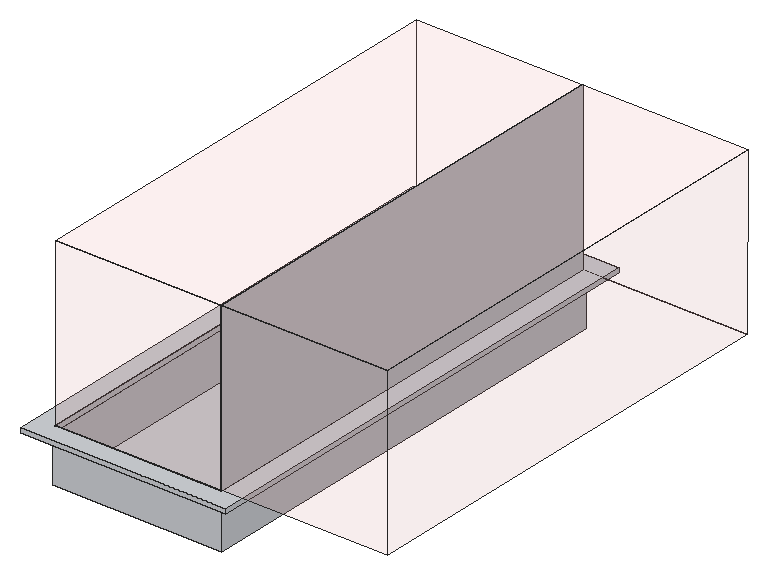
Revit family "Hager-VOLTA-Hollow_wall-IP30-With_Cover-With_DIN-Hosted-AT-de", category Electrical Equipment, host Face, Revit 2023
Family settings
  Host = Face
  Panel Configuration = Two Columns, Circuits Across
  Round Connector Dimension = Use Diameter
  Part Type = Panelboard
  Cut with Voids When Loaded = No
  Maintain Annotation Orientation = Yes
  Shared = No
  Room Calculation Point = No
Parameters (values of type "VOLTA-Hollow_wall_W348_H880_D98_12_Modular_Spacing-VH60NWB")
  Width Control [instance] = if([HG000006-Unterputz], if([EF000846 - Einbaubreite] > min_whd, [EF000846 - Einbaubreite], min_whd), if([EF000008 - Breite] > min_whd, ([EF000008 - Breite]), min_whd))  # 314.5 mm
  Void Depth [instance] = if([HG000006-Unterputz], Depth Control, 1 mm)  # 89 mm
  Uniformat code = "D501001"
  Uniformat = "Low Tension Service & Dist."
  HGEF0002950-Breite in Teilungseinheiten = 12
  HGEF000266-Anzahl der Reihen = 0
  HG000131 - Functional label [instance] = ""
  HG000130 - Functional name [instance] = ""
  Type Comments = ""
  System Height [instance] = Height Control - 2 * [HG000005-Dicke]  # 841 mm
  Reference description = ""
  Reference = "VOLTA-Hollow_wall_W348_H880_D98_12_Modular_Spacing-VH60NWB"
  Object type = ""
  Name hager = "ADD_Enclosures_EC000214"
  Name BIM&CO = "Electricity"
  Name = "VOLTA-Hollow_wall-IP30-With_Cover-With_DIN-AT"
  Model = ""
  HG000099-Onfly Template ID-de-AT = "507532"
  HG000060-RAL-number = "9010"
  HG000059-Operating voltage-de-AT [instance] = 230 V
  HG000017-Distanz zwischen den Polen = 18 mm
  HG000016-3D-Türsichtbarkeit = yes
  HG000015-Sichtbarkeit der Türöffnung = yes
  HG000014-Tür rechts = yes
  HG000013-Tür links = no
  HG000012-Türschwenkwinkel = 90.00°
  HG000011-Leere Reihen von unten = no
  HG000010-Asymmetrische Türen = no
  HG000009-Doppelflügeligen Tür = no
  HG000008-Anzahl der leeren Reihen = 0
  HG000007-Anzahl der leeren Spalten = 0
  HG000006-Unterputz = yes
  HG000005-Dicke = 2 mm
  HG000004-Herstellerreferenz = "VH60NWB"
  HG000003-Bereich = "VOLTA"
  HG000002-Mit tür = yes
  HG000001-Anzahl der Spalten = 0
  GTIN (Global Trade Item Number) = ""
  ETIM class name = "Small distribution board"
  ETIM class code = "EC000214"
  EF015941 - Signaldurchlassende Tür = no
  EF015777 - Neutralleiterklemmenblock = no
  EF015776 - Erdungsklemmenblock = no
  EF009212 - Ausführung Deckel = "mit Ausschnitt"
  EF006306 - Mit Schloss = no
  EF006244 - Transparenter Deckel/Tür = no
  EF005474 - Schutzart (IP) = "IP30"
  EF004464 - Art der Tür = ""
  EF004462 - Art der Schließung = "sonstige"
  EF002950 - Breite in Teilungseinheiten = 12
  EF001596 - Werkstoff des Gehäuses = ""
  EF001134 - DIN-Schiene = yes
  EF001131 - Innentiefe = 0 mm
  EF001088 - Anbaumöglichkeit = yes
  EF001062 - EMV-Ausführung = no
  EF000846 - Einbaubreite = 314.5 mm
  EF000339 - Art der Abdeckung = ""
  EF000332 - Einbauhöhe = 845 mm
  EF000266 - Anzahl der Reihen = 0
  EF000218 - Einbautiefe = 89 mm
  EF000118 - Mit Montageplatte = yes
  EF000116 - RAL-Nummer = 9010
  EF000049 - Tiefe = 98 mm
  EF000040 - Höhe = 880 mm
  EF000024 - UV-beständig = no
  EF000008 - Breite = 348 mm
  EF000007 - Farbe = "weiß"
  EF000003 - Montageart = "Hohlwand"
  Creation Date = "12/15/2025 21:42:07"
  Code hager = "ADD-EC000214_EU"
  BIM&CO code = ""
  BC_VARIANT_ID = "1174060"
  BC_OBJECT_VERSION = "#3"  # constant formula
  BC_OBJECT_ID = "513457"  # constant formula
  BC_MODEL_ID = "1547067"  # constant formula
  Arrow Offset [instance] = Depth Control / 8  # 11.125 mm
  Arrow Height [instance] = Depth Control - Arrow Offset  # 77.875 mm
  Host Offset [instance] = if([HG000006-Unterputz], 0 mm, [EF000049 - Tiefe])  # 0 mm
  min_whd [instance] = (2 * [HG000005-Dicke]) + 1 mm  # 5 mm
  Manufacturer = "Hager"  # constant formula
  Height Control [instance] = if([HG000006-Unterputz], if([EF000332 - Einbauhöhe] > min_whd, [EF000332 - Einbauhöhe], min_whd), if([EF000040 - Höhe] > min_whd, ([EF000040 - Höhe]), min_whd))  # 845 mm
  Flush Mounted - Door Frame Width [instance] = if(([EF000040 - Höhe] - [EF000332 - Einbauhöhe]) > 0 mm, if([HG000006-Unterputz], [EF000040 - Höhe] - [EF000332 - Einbauhöhe], 0 mm), 0 mm)  # 35 mm
  Depth Control [instance] = if([HG000006-Unterputz], if([EF000218 - Einbautiefe] > 0 mm, [EF000218 - Einbautiefe], 1 mm), if([EF000049 - Tiefe] > 0 mm, ([EF000049 - Tiefe]), 1 mm))  # 89 mm
  Default Elevation = 0 mm
Types (13, lengths in mm): name | HGEF000266-Anzahl der Reihen | System Height | Reference | HG000011-Leere Reihen von unten | HG000008-Anzahl der leeren Reihen | HG000004-Herstellerreferenz | HG000001-Anzahl der Spalten | EF015777 - Neutralleiterklemmenblock | EF015776 - Erdungsklemmenblock | EF009212 - Ausführung Deckel | EF004462 - Art der Schließung | EF001088 - Anbaumöglichkeit | EF000332 - Einbauhöhe | EF000266 - Anzahl der Reihen | EF000118 - Mit Montageplatte | EF000040 - Höhe | EF000007 - Farbe | BC_VARIANT_ID | Height Control | Flush Mounted - Door Frame Width
  VOLTA-Hollow_wall_W348_H356_D98_12_Modular_Spacing-VH12AT | 1 | 317 | "VOLTA-Hollow_wall_W348_H356_D98_12_Modular_Spacing-VH12AT" | no | 0 | "VH12AT" | 1 | yes | yes | "mit Ausschnitt" | "sonstige" | yes | 321 | 1 | no | 356 | "weiß" | "1174048" | 321 | 35
  VOLTA-Hollow_wall_W348_H505_D98_12_Modular_Spacing-VH24AT | 2 | 466 | "VOLTA-Hollow_wall_W348_H505_D98_12_Modular_Spacing-VH24AT" | no | 0 | "VH24AT" | 1 | yes | yes | "mit Ausschnitt" | "sonstige" | yes | 470 | 2 | no | 505 | "weiß" | "1174049" | 470 | 35
  VOLTA-Hollow_wall_W348_H505_D98_12_Modular_Spacing-VH24NWB | 0 | 466 | "VOLTA-Hollow_wall_W348_H505_D98_12_Modular_Spacing-VH24NWB" | no | 0 | "VH24NWB" | 0 | no | no | "mit Ausschnitt" | "sonstige" | yes | 470 | 0 | yes | 505 | "weiß" | "1174050" | 470 | 35
  VOLTA-Hollow_wall_W348_H630_D98_12_Modular_Spacing-VH36AT | 3 | 591 | "VOLTA-Hollow_wall_W348_H630_D98_12_Modular_Spacing-VH36AT" | no | 0 | "VH36AT" | 1 | yes | yes | "mit Ausschnitt" | "sonstige" | yes | 595 | 3 | no | 630 | "weiß" | "1174051" | 595 | 35
  VOLTA-Hollow_wall_W348_H630_D98_12_Modular_Spacing-VH36NWB | 0 | 591 | "VOLTA-Hollow_wall_W348_H630_D98_12_Modular_Spacing-VH36NWB" | no | 0 | "VH36NWB" | 0 | no | no | "mit Ausschnitt" | "sonstige" | yes | 595 | 0 | yes | 630 | "weiß" | "1174052" | 595 | 35
  VOLTA-Hollow_wall_W348_H755_D98_12_Modular_Spacing-VH48AT | 4 | 716 | "VOLTA-Hollow_wall_W348_H755_D98_12_Modular_Spacing-VH48AT" | no | 0 | "VH48AT" | 1 | yes | yes | "mit Ausschnitt" | "sonstige" | yes | 720 | 4 | no | 755 | "weiß" | "1174053" | 720 | 35
  VOLTA-Hollow_wall_W348_H755_D98_12_Modular_Spacing-VH48NWB | 0 | 716 | "VOLTA-Hollow_wall_W348_H755_D98_12_Modular_Spacing-VH48NWB" | no | 0 | "VH48NWB" | 0 | no | no | "mit Ausschnitt" | "sonstige" | yes | 720 | 0 | yes | 755 | "weiß" | "1174054" | 720 | 35
  VOLTA-Hollow_wall_W348_H880_D98_12_Modular_Spacing-VH602NWH | 6 | 842 | "VOLTA-Hollow_wall_W348_H880_D98_12_Modular_Spacing-VH602NWH" | yes | 4 | "VH602NWH" | 1 | no | no | "" | "" | no | 846 | 6 | no | 880 | "" | "1174055" | 846 | 34
  VOLTA-Hollow_wall_W348_H880_D98_12_Modular_Spacing-VH602WWH | 6 | 842 | "VOLTA-Hollow_wall_W348_H880_D98_12_Modular_Spacing-VH602WWH" | yes | 4 | "VH602WWH" | 1 | no | no | "" | "" | no | 846 | 6 | no | 880 | "" | "1174056" | 846 | 34
  VOLTA-Hollow_wall_W348_H880_D98_12_Modular_Spacing-VH603NWH | 6 | 842 | "VOLTA-Hollow_wall_W348_H880_D98_12_Modular_Spacing-VH603NWH" | yes | 3 | "VH603NWH" | 1 | no | no | "" | "" | no | 846 | 6 | no | 880 | "" | "1174057" | 846 | 34
  VOLTA-Hollow_wall_W348_H880_D98_12_Modular_Spacing-VH603WWH | 6 | 842 | "VOLTA-Hollow_wall_W348_H880_D98_12_Modular_Spacing-VH603WWH" | yes | 3 | "VH603WWH" | 1 | no | no | "" | "" | no | 846 | 6 | no | 880 | "" | "1174058" | 846 | 34
  VOLTA-Hollow_wall_W348_H880_D98_12_Modular_Spacing-VH60AT | 5 | 841 | "VOLTA-Hollow_wall_W348_H880_D98_12_Modular_Spacing-VH60AT" | no | 0 | "VH60AT" | 1 | yes | yes | "mit Ausschnitt" | "sonstige" | yes | 845 | 5 | no | 880 | "weiß" | "1174059" | 845 | 35
  VOLTA-Hollow_wall_W348_H880_D98_12_Modular_Spacing-VH60NWB | 0 | 841 | "VOLTA-Hollow_wall_W348_H880_D98_12_Modular_Spacing-VH60NWB" | no | 0 | "VH60NWB" | 0 | no | no | "mit Ausschnitt" | "sonstige" | yes | 845 | 0 | yes | 880 | "weiß" | "1174060" | 845 | 35
Reference planes
  plane 1 "Center (Front/Back)": y = 0
  plane 2: z = 0
  plane 3 "Center (Left/Right)": x = 0
  plane 4: z = 0
  plane 5: y = 37
  plane 6: z = -5
  plane 7: y = 457.5
  plane 8: y = 35
  plane 9: y = 880
  plane 10: z = -89
  plane 11: x = -157.25
  plane 12: x = 157.25
  plane 13: x = 155.25
  plane 14: x = -155.25
  plane 15: y = 878
  plane 16: z = -87
  plane 17: z = -2
  plane 18: z = -89
  plane 19: z = -2
  plane 20 "Annotation H": y = -100
  plane 21 "Annotation V": x = 457.25
Forms (mm)
  Extrusion 1, solid
    sketch origin (-583.045, 35, 1219.2) x (-1, 0, 0) y (0, 0, 1)
      loop
        line (-425.795, -1219.2) -> (-740.295, -1219.2) -> (-740.295, -1308.2) -> (-425.795, -1308.2) -> (-425.795, -1219.2)
    from 0 to 845 <- "Height Control"
  Extrusion 2, void
    sketch origin (-381.607, -4572, 0) x (0, -1, 0) y (-1, 0, 0)
      loop
        line (-5450, -226.357) -> (-5450, -536.857) -> (-4609, -536.857) -> (-4609, -226.357) -> (-5450, -226.357)
    from 0 to 87
  Extrusion 3, void
    sketch origin (0, 0, 0) x (1, 0, 0) y (0, 1, 0)
      loop
        line (-157.25, 35) -> (157.25, 35) -> (157.25, 880) -> (-157.25, 880) -> (-157.25, 35)
    from -89 to 1
  Extrusion 4, solid, detail levels coarse+medium
    sketch origin (-381.607, -4572, 0) x (-1, 0, 0) y (0, -1, 0)
      loop
        line (-226.357, -5450) -> (-226.357, -4609) -> (-536.857, -4609) -> (-536.857, -5450) -> (-226.357, -5450)
    from 0 to -2
Cuts and joins
  Extrusion 2 cuts Extrusion 1
Dimensions and locks
  plane 4 to plane 6 = 5 mm
  "Host Offset": plane 4 to host face
  "Flush Mounted - Door Frame Width": plane 1 "Center (Front/Back)" to plane 8
  "HG000005-Dicke": plane 5 to plane 8
  locked: connector elem to plane 3 "Center (Left/Right)"
  "Height Control": plane 9 to plane 8
  equal spacing: plane 9, plane 7, plane 8
  locked: connector elem to plane 7
  "Depth Control": plane 4 to plane 10
  "HG000005-Dicke": plane 11 to plane 14
  "HG000005-Dicke": plane 12 to plane 13
  equal spacing: plane 11, plane 3 "Center (Left/Right)", plane 12
  "Width Control": plane 11 to plane 12
  "Arrow Offset": nested 4 to plane 10
  "HG000005-Dicke": plane 9 to plane 15
  "HG000005-Dicke": plane 16 to plane 10
  "HG000005-Dicke": plane 4 to plane 17
  "Void Depth": plane 2 to plane 18
  "HG000005-Dicke": plane 4 to plane 19
  locked: plane 20 "Annotation H" to plane 1 "Center (Front/Back)" at 100
  locked: plane 12 to plane 21 "Annotation V" at 300
  aligned and locked: plane 2 to host face
  aligned and locked: level to host face
  aligned and locked: plane 3 "Center (Left/Right)" to nested 2
  aligned and locked: plane 4 to nested 2
  aligned and locked: nested 2 to plane 8
  aligned and locked: nested 1 to plane 6
  aligned and locked: plane 5 to nested 1
  aligned and locked: nested 4 to plane 11
  aligned and locked: nested 3 to plane 4
  aligned and locked: Extrusion 1 sketch curve to plane 12
  aligned and locked: Extrusion 1 sketch curve to plane 11
  aligned and locked: nested 3 to plane 10
  aligned and locked: plane 10 to Extrusion 1 sketch curve
  aligned and locked: plane 5 to Extrusion 2 sketch curve
  aligned and locked: Extrusion 2 sketch curve to plane 15
  aligned and locked: Extrusion 2 sketch curve to plane 14
  aligned and locked: Extrusion 2 sketch curve to plane 13
  aligned and locked: plane 11 to Extrusion 3 sketch curve
  aligned and locked: plane 9 to Extrusion 3 sketch curve
  aligned and locked: Extrusion 3 sketch curve to plane 8
  aligned and locked: plane 12 to Extrusion 3 sketch curve
  aligned and locked: nested 3 to plane 12
  aligned and locked: Extrusion 3 to plane 18
  aligned and locked: Extrusion 2 to plane 16
  aligned and locked: Extrusion 1 sketch curve to plane 4
  aligned and locked: Extrusion 4 to plane 17
  aligned and locked: Extrusion 4 sketch curve to plane 15
  aligned and locked: Extrusion 4 sketch curve to plane 13
  aligned and locked: Extrusion 4 sketch curve to plane 14
  aligned and locked: plane 5 to Extrusion 4 sketch curve
  aligned and locked: nested 5 to plane 21 "Annotation V"
  aligned and locked: plane 20 "Annotation H" to nested 5
Automatic sketch dimensions
  host sketch curve to host sketch curve = 1469.727 mm
  host sketch curve to host sketch curve = 1434.803 mm
Nested families
  nested 1: "Hager_Enclosure_System" at (0, 37, -5) x (1, 0, 0) z (0, 1, 0), Height <- "System Height", Width_Control <- "Width Control", Built-in_Width <- "EF000846 - Einbaubreite", Width <- "EF000008 - Breite", Depth <- "HG000005-Dicke", Border <- "HG000005-Dicke", Distance_Between_Poles <- "HG000017-Distanz zwischen den Polen", Flush_Mounted <- "HG000006-Unterputz", Empty_Columns <- "HG000007-Anzahl der leeren Spalten", Total_No_Empty_Rows <- "HG000008-Anzahl der leeren Reihen", Empty_Rows_From_Bottom <- "HG000011-Leere Reihen von unten", Columns_Count <- "HG000001-Anzahl der Spalten", Rows_Count <- "HGEF000266-Anzahl der Reihen", Row_Module_Multiplicator <- "HGEF0002950-Breite in Teilungseinheiten", type "Hager_Enclosure_System", detail levels fine
    with Width_Control 314.5 mm, Width 348 mm, Total_No_Rows 0, Total_No_Empty_Rows 0, Total_No_Columns 1, System_Width 310.5 mm, Rows_Count 0, Rows_Column 0, Row_Module_Multiplicator 12, Panel_4 no, Panel_3 no, Panel_2 no, Panel_1 no, No_Panels_Ctrl 1, Hide_Columns yes, Height 841 mm, Flush_Mounted yes, Empty_Rows_From_Bottom no, Empty_Rows_Column 0, Empty_Columns 0, Empty column 4 0, Empty column 3 0, Empty column 2 0, Empty column 1 0, Distance_Between_Poles 18 mm, Depth 2 mm, Columns_Count 0, Column_Width 310.5 mm, Built-in_Width 314.5 mm, Border 2 mm
  nested 2: "Hager_Enclosure_Door" at (0, 35, 0) x (1, 0, 0) z (0, 1, 0), Height_Ctrl <- "Height Control", Width_Ctrl <- "Width Control", BuiltIn_Depth <- "EF000218 - Einbautiefe", Depth <- "EF000049 - Tiefe", BuiltIn_Width <- "EF000846 - Einbaubreite", Height <- "EF000040 - Höhe", BuiltIn_Height <- "EF000332 - Einbauhöhe", Width <- "EF000008 - Breite", Transparent <- "EF006244 - Transparenter Deckel/Tür", Border <- "HG000005-Dicke", Door <- "HG000002-Mit tür", Flush_Mounted <- "HG000006-Unterputz", Double <- "HG000009-Doppelflügeligen Tür", Assymetrical <- "HG000010-Asymmetrische Türen", Angle <- "HG000012-Türschwenkwinkel", Door_Left <- "HG000013-Tür links", Door_Right <- "HG000014-Tür rechts", Clearance <- "HG000015-Sichtbarkeit der Türöffnung", 3d_Door <- "HG000016-3D-Türsichtbarkeit", type "Hager_Enclosure_Door", detail levels medium+fine
    with min_wh 5 mm, Width_Ctrl 314.5 mm, Width 348 mm, Transparent_Door_No_Bottom_Border no, Transparent no, Leaf_Width 307.5 mm, Leaf_Tolerance 1.5 mm, Leaf_Height 838 mm, Leaf_2_Width 307.5 mm, Leaf_2_Offset 153.75 mm, Leaf_1_Width 307.5 mm, Leaf_1_Offset 153.75 mm, Height_Ctrl 845 mm, Height 880 mm, Frame_Width_Ctrl 33.5 mm, Frame_Width 33.5 mm, Frame_Internal_Offset 2 mm, Frame_Height_Ctrl 35 mm, Frame_Height 35 mm, Frame_Depth_Ctrl 9 mm, Frame_Depth 9 mm, Flush_Mounted yes, Double_Clearance_Ctrl no, Double no, Door_Right_Ctrl yes, Door_Right yes, Door_Left_Ctrl no, Door_Left no, Door yes, Depth 98 mm, Clearance_Depth 307.5 mm, Clearance_Ctrl yes, Clearance yes, BuiltIn_Width 314.5 mm, BuiltIn_Height 845 mm, BuiltIn_Depth 89 mm, Border 2 mm, Assymetrical no, Angle 90.00°, 3d_Door yes
  nested 3: "Hager_Enclosure_Symbol_Triangle" at (-157.25, 0, -89) x (1, 0, 0) z (0, -1, 0), Depth <- "Depth Control", Width <- "Width Control", type "Hager_Enclosure_Symbol_Triangle"
    with Width_Ctrl 314.5 mm, Width 314.5 mm, Depth_Ctrl 89 mm, Depth 89 mm
  nested 4: "Hager_Enclosure_Symbol_Arrow" at (-157.25, 0, -77.875) x (1, 0, 0) z (0, -1, 0), Height <- "Arrow Height", type "Hager_Enclosure_Symbol_Arrow"
    with Width_Inside 5.841 mm, Width 70.087 mm, Height_Ctrl 77.875 mm, Height 77.875 mm
  nested 5: "Hager_Annotation-HG000130" at (457.25, -100, 0) x (-1, 0, 0) z (0, 0, 1), HG000130 - Functional name <- "HG000130 - Functional name", type "Hager_Annotation-HG000130"
    with HG000130 - Functional name ""
Connectors
  electrical at (0, 457.5, -89)
    settings: on plane 10, index 1, voltage 0 V, apparent load 0 VA, apparent load phase1 0 VA, apparent load phase2 0 VA, apparent load phase3 0 VA, power factor 1, load classification "Other", number of poles 1, system type 30, power factor state 1, is connector primary yes, connector utility no, sub classification motor no, connector description ""
Definition of nested family "Hager_Enclosure_Door"
  Parameters (values of type "Hager_Enclosure_Door")
    min_wh [instance] = (2 * Border) + 1 mm  # 11 mm
    Width_Ctrl [instance] = 400 mm
    Width [instance] = 500 mm
    Transparent_Door_No_Bottom_Border [instance] = no
    Transparent [instance] = yes
    Leaf_Width [instance] = if((Width_Ctrl - 2 * Border - 2 * Leaf_Tolerance) > 0 mm, (Width_Ctrl - 2 * Border - 2 * Leaf_Tolerance), min_wh)  # 387 mm
    Leaf_Tolerance [instance] = 1.5 mm  # constant formula
    Leaf_Height [instance] = if((Height_Ctrl - 2 * Border - 2 * Leaf_Tolerance) > 0 mm, (Height_Ctrl - 2 * Border - 2 * Leaf_Tolerance), min_wh)  # 387 mm
    Leaf_2_Width [instance] = if(and(and(Double, Assymetrical), Door_Left), (Leaf_Width / 3) - (Leaf_Tolerance / 2), if(and(and(Double, Assymetrical), Door_Right), (Leaf_Width / 3) * 2 - (Leaf_Tolerance / 2), if(and(Double, not(Assymetrical)), (Leaf_Width / 2) - Leaf_Tolerance, Leaf_Width)))  # 387 mm
    Leaf_2_Offset [instance] = if(and(Double, Assymetrical), Leaf_2_Width / 2, if(and(Double, not(Assymetrical)), Leaf_Width / 4, Leaf_Width / 2))  # 193.5 mm
    Leaf_1_Width [instance] = if(and(and(Double, Assymetrical), Door_Right), (Leaf_Width / 3) - (Leaf_Tolerance / 2), if(and(and(Double, Assymetrical), Door_Left), (Width / 3) * 2 - (Leaf_Tolerance / 2), if(and(Double, not(Assymetrical)), (Leaf_Width / 2) - Leaf_Tolerance, Leaf_Width)))  # 387 mm
    Leaf_1_Offset [instance] = if(and(Double, Assymetrical), Leaf_1_Width / 2, if(and(Double, not(Assymetrical)), Leaf_Width / 4, Leaf_Width / 2))  # 193.5 mm
    Height_Ctrl [instance] = 400 mm
    Height [instance] = 500 mm
    Frame_Width_Ctrl [instance] = if(Frame_Width > 0 mm, Frame_Width, 1 mm)  # 1 mm
    Frame_Width [instance] = Width - BuiltIn_Width  # 0 mm
    Frame_Internal_Offset [instance] = if(Flush_Mounted, Border, 0 mm)  # 5 mm
    Frame_Height_Ctrl [instance] = if(Frame_Height > 0 mm, Frame_Height, 1 mm)  # 1 mm
    Frame_Height [instance] = Height - BuiltIn_Height  # 0 mm
    Frame_Depth_Ctrl [instance] = if(Frame_Depth > 0 mm, Frame_Depth, 1 mm)  # 1 mm
    Frame_Depth [instance] = if(Depth - BuiltIn_Depth > 0 mm, if(Flush_Mounted, Depth - BuiltIn_Depth, 0 mm), 0 mm)  # 0 mm
    Flush_Mounted [instance] = yes
    Double_Clearance_Ctrl [instance] = and(Double, Clearance)  # no
    Double [instance] = no
    Door_Right_Ctrl [instance] = and(or(Door_Right, Double), Door)  # yes
    Door_Right [instance] = yes
    Door_Left_Ctrl [instance] = and(or(Door_Left, Double), Door)  # no
    Door_Left [instance] = no
    Door [instance] = yes
    Depth [instance] = 500 mm
    Default Elevation = 1219.2 mm
    Clearance_Material = none
    Clearance_Depth [instance] = if(Leaf_1_Width > Leaf_2_Width, Leaf_1_Width, Leaf_2_Width)  # 387 mm
    Clearance_Ctrl [instance] = and(not(Double), Clearance)  # yes
    Clearance [instance] = yes
    BuiltIn_Width [instance] = 500 mm
    BuiltIn_Height [instance] = 500 mm
    BuiltIn_Depth [instance] = 500 mm
    Border [instance] = 5 mm
    Assymetrical [instance] = yes
    Angle [instance] = 30.00°
    3d_Door [instance] = yes
  Reference planes
    plane 1 "Center (Front/Back)": y = 0
    plane 2 "Bottom": z = 0
    plane 3 "Center (Left/Right)": x = 0
    plane 4: z = 400
    plane 5: x = -200
    plane 6: x = 200
    plane 7: z = 395
    plane 8: x = -195
    plane 9: z = 5
    plane 10: x = 195
    plane 11: y = 0
    plane 12: z = 6.5
    plane 13: x = -582
    plane 14: y = -387
    plane 15: x = 582
    plane 16: x = 0
    plane 17: x = 0
    plane 18: x = -193.5
    plane 19: x = 193.5
    plane 20: z = 393.5
  Forms (mm)
    Extrusion 1, solid, visible <- "Flush_Mounted"
      sketch origin (0, 0, 0) x (1, 0, 0) y (0, 0, 1)
        loop
          line (195, 5) -> (195, 395) -> (-195, 395) -> (-195, 5) -> (195, 5)
        loop
          line (-201, 401) -> (-201, -1) -> (201, -1) -> (201, 401) -> (-201, 401)
      from 0 to 1 <- "Frame_Depth_Ctrl"
    Extrusion 2, solid, material <- "Clearance_Material", visible <- "Double_Clearance_Ctrl"
      sketch origin (1200, 0, 0) x (1, 0, 0) y (0, 0, -1)
        loop
          line (-1782, -393.5) -> (-618, -393.5) -> (-618, 0) -> (-1782, 0) -> (-1782, -393.5)
      from 0 to -387
  Dimensions and locks
    equal spacing: plane 5, plane 3 "Center (Left/Right)", plane 6
    "Width_Ctrl": plane 5 to plane 6
    "Border": plane 5 to plane 8
    "Border": plane 6 to plane 10
    "Border": plane 9 to level
    "Border": plane 4 to plane 7
    "Height_Ctrl": plane 4 to level
    "Leaf_Tolerance": plane 12 to plane 9
    "Frame_Depth": plane 11 to plane 1 "Center (Front/Back)"
    "Frame_Width_Ctrl": plane 5 to Extrusion 1 sketch curve
    "Frame_Width_Ctrl": plane 6 to Extrusion 1 sketch curve
    "Frame_Width_Ctrl": Extrusion 1 sketch curve to plane 4
    "Frame_Width_Ctrl": plane 2 "Bottom" to Extrusion 1 sketch curve
    "Leaf_1_Offset": plane 18 to plane 16
    "Leaf_2_Offset": plane 17 to plane 19
    "Leaf_1_Width": plane 13 to plane 8
    "Leaf_2_Width": plane 10 to plane 15
    "Clearance_Depth": plane 14 to plane 1 "Center (Front/Back)"
    "Leaf_Tolerance": plane 8 to plane 18
    "Leaf_Tolerance": plane 19 to plane 10
    "Leaf_Tolerance": plane 7 to plane 20
    "Frame_Internal_Offset": plane 5 to Extrusion 1 sketch curve
    "Frame_Internal_Offset": Extrusion 1 sketch curve to plane 2 "Bottom"
    "Frame_Internal_Offset": plane 6 to Extrusion 1 sketch curve
    "Frame_Internal_Offset": plane 4 to Extrusion 1 sketch curve
    aligned and locked: level to plane 2 "Bottom"
    aligned and locked: nested 1 to plane 16
    aligned and locked: nested 2 to plane 17
    aligned and locked: Extrusion 2 to plane 13
    aligned and locked: plane 15 to Extrusion 2
    aligned and locked: Extrusion 2 to plane 14
    aligned and locked: plane 12 to nested 1
    aligned and locked: nested 2 to plane 12
    aligned and locked: Extrusion 2 to plane 11
    aligned and locked: plane 20 to Extrusion 2
    aligned and locked: nested 2 to plane 11
    aligned and locked: nested 1 to plane 11
  Automatic sketch dimensions
    Extrusion 2 sketch curve to level = 0 mm
    plane 5 to Extrusion 2 sketch curve = 382 mm
    plane 6 to Extrusion 2 sketch curve = 382 mm
    Extrusion 2 sketch curve to plane 4 = 6.5 mm
  Nested families
    nested 1: "Hager_Enclosure_Door_Leaf" at (0, 0, 6.5), Width <- "Leaf_1_Width", visible <- "Door_Left_Ctrl", Leaf_Height <- "Leaf_Height", Angle <- "Angle", Depth <- "Border", 3d_Door <- "3d_Door", Transparent <- "Transparent", Clearance Material <- "Clearance_Material", Clearance <- "Clearance_Ctrl", Transparent_Door_No_Bottom_Border <- "Transparent_Door_No_Bottom_Border", type "Hager_Enclosure_Door_Leaf"
      with Width 387 mm, Transparent_Door_No_Bottom_Border no, Transparent_Door_Border_Bottom_Top 25 mm, Transparent_Door_Border 25 mm, Transparent_Ctrl yes, Transparent yes, Standard no, Leaf_Height 387 mm, Glass_Offset 1 mm, Depth 5 mm, Clearance Material none, Clearance yes, Angle_Ctrl 30.00°, Angle 30.00°, 3d_Door yes
    nested 2: "Hager_Enclosure_Door_Leaf" at (0, 0, 6.5) x (-1, 0, 0) z (0, 0, 1), Width <- "Leaf_2_Width", visible <- "Door_Right_Ctrl", Leaf_Height <- "Leaf_Height", Angle <- "Angle", Depth <- "Border", 3d_Door <- "3d_Door", Transparent <- "Transparent", Clearance Material <- "Clearance_Material", Clearance <- "Clearance_Ctrl", Transparent_Door_No_Bottom_Border <- "Transparent_Door_No_Bottom_Border", type "Hager_Enclosure_Door_Leaf"
      with Width 387 mm, Transparent_Door_No_Bottom_Border no, Transparent_Door_Border_Bottom_Top 25 mm, Transparent_Door_Border 25 mm, Transparent_Ctrl yes, Transparent yes, Standard no, Leaf_Height 387 mm, Glass_Offset 1 mm, Depth 5 mm, Clearance Material none, Clearance yes, Angle_Ctrl 30.00°, Angle 30.00°, 3d_Door yes
  Definition of nested family "Hager_Enclosure_Door_Leaf"
    Parameters (values of type "Hager_Enclosure_Door_Leaf")
      Width [instance] = 2000 mm
      Transparent_Door_No_Bottom_Border [instance] = yes
      Transparent_Door_Border_Bottom_Top [instance] = if(Transparent_Door_No_Bottom_Border, 0.1 mm, Transparent_Door_Border)  # 0.1 mm
      Transparent_Door_Border [instance] = if(Transparent_Door_No_Bottom_Border, (Width * 0.12), 25 mm)  # 240 mm
      Transparent_Ctrl [instance] = and(Transparent, [3d_Door])  # yes
      Transparent [instance] = yes
      Standard [instance] = and(not(Transparent), [3d_Door])  # no
      Leaf_Height [instance] = 2720.336 mm
      Glass_Offset [instance] = if((Depth - 10 mm) / 2 > 0 mm, (Depth - 10 mm) / 2, 1 mm)  # 15 mm
      Glass_Material = none
      Depth [instance] = 40 mm
      Default Elevation = 0 mm
      Clearance Material [instance] = none
      Clearance [instance] = yes
      Angle_Ctrl [instance] = if(Angle > 170.00°, 170.00°, Angle)  # 45.00°
      Angle [instance] = 45.00°
      3d_Door [instance] = yes
    Reference planes
      plane 1 "Center (Front/Back)": y = 0
      plane 2: z = 0
      plane 3 "Center (Left/Right)": x = 0
      plane 4: y = 2000
      plane 5: x = -1000
      plane 6: x = 1000
      plane 7: x = -3000
      plane 8: z = 2720.336
      plane 9: z = 0.1
      plane 10: z = 2720.236
      plane 11: x = 760
      plane 12: x = -760
    Forms (mm)
      Extrusion 1, solid, material <- "Clearance Material", visible <- "Clearance"
        sketch origin (0, 0, 0) x (1, 0, 0) y (0, 0, 1)
          loop
            line (-3000, 2720.336) -> (-3000, 0) -> (1000, 0) -> (1000, 2720.336) -> (-3000, 2720.336)
        from 0 to -2000
      Extrusion 2, solid, visible <- "Standard", detail levels medium+fine
        sketch origin (-1000, 0, 0) x (0.707107, 0.707107, 0) y (-0.707107, 0.707107, 0)
          loop
            line (0, -40) -> (2000, -40) -> (2000, 0) -> (0, 0) -> (0, -40)
        from 0 to 2720.336 <- "Leaf_Height"
      Extrusion 3, solid, visible <- "Transparent_Ctrl", detail levels medium+fine
        sketch origin (-1000, 0, 0) x (0.707107, 0.707107, 0) y (-0.707107, 0.707107, 0)
          loop
            line (0, -40) -> (2000, -40) -> (2000, 0) -> (0, 0) -> (0, -40)
        from 0 to 2720.336 <- "Leaf_Height"
      Extrusion 4, void, detail levels medium+fine
        sketch origin (-1000, 0, 0) x (-0.707107, 0.707107, 0) y (0.707107, 0.707107, 0)
          loop
            line (0, 240) -> (0, 1760) -> (-40, 1760) -> (-40, 240) -> (0, 240)
        from -2720.236 to -0.1
      Extrusion 5, solid, material <- "Glass_Material", visible <- "Transparent_Ctrl", detail levels medium+fine
        sketch origin (-1000, 0, 0) x (0.707107, 0.707107, 0) y (-0.707107, 0.707107, 0)
          loop
            line (240, -15) -> (240, -25) -> (1760, -25) -> (1760, -15) -> (240, -15)
        from 0.1 to 2720.236
    Cuts and joins
      Extrusion 4 cuts Extrusion 3
    Lines and regions (mm)
      symbolic lines
        curve 1: line (1000, 0, 0) -> (-3000, 0, 0)
        curve 2: arc (1000, 0, 0) -> (-1000, 2000, 0) -> (-3000, 0, 0) r 2000
        curve 4: line (-1000, 0, 0) -> (414.214, 1414.214, 0)
      reference lines
        curve 3: line (-1000, 0, 0) -> (414.214, 1414.214, 0)
      symbolic lines, detail levels medium+fine
        curve 5: line (414.214, 1414.214, 0) -> (442.498, 1385.929, 0)
        curve 6: line (442.498, 1385.929, 0) -> (-971.716, -28.284, 0)
        curve 7: line (-971.716, -28.284, 0) -> (-1000, 0, 0)
        curve 8: line (-1000, 0, 2720.336) -> (1000, 0, 2720.336)
        curve 9: line (-1000, 0, 0) -> (-1000, 0, 2720.336)
        curve 10: line (1000, 0, 0) -> (-1000, 0, 0)
        curve 11: line (1000, 0, 2720.336) -> (1000, 0, 0)
      symbolic lines, visible <- "Transparent_Ctrl", detail levels medium+fine
        curve 12: line (-760, 0, 2720.236) -> (760, 0, 2720.236)
        curve 13: line (-760, 0, 0.1) -> (-760, 0, 2720.236)
        curve 14: line (760, 0, 0.1) -> (-760, 0, 0.1)
        curve 15: line (760, 0, 2720.236) -> (760, 0, 0.1)
    Dimensions and locks
      "Width": plane 1 "Center (Front/Back)" to plane 4
      equal spacing: plane 5, plane 3 "Center (Left/Right)", plane 6
      "Width": plane 5 to plane 6
      "Width": plane 7 to plane 5
      "Leaf_Height": plane 8 to level
      "Depth": curve 6 to curve 3
      "Width": curve 5 to curve 3
      "Width": curve 3 to curve 3
      "Transparent_Door_Border": Extrusion 4 sketch curve to curve 7
      "Transparent_Door_Border": Extrusion 4 sketch curve to curve 5
      "Transparent_Door_Border_Bottom_Top": plane 8 to plane 10
      "Transparent_Door_Border_Bottom_Top": plane 9 to level
      "Glass_Offset": Extrusion 5 sketch curve to curve 4
      "Glass_Offset": Extrusion 5 sketch curve to curve 6
      "Transparent_Door_Border": Extrusion 5 sketch curve to curve 5
      "Transparent_Door_Border": Extrusion 5 sketch curve to curve 7
      "Transparent_Door_Border": plane 12 to plane 5
      "Transparent_Door_Border": plane 6 to plane 11
      "Angle_Ctrl": angle plane 1 "Center (Front/Back)" to curve 3
      aligned and locked: level to plane 2
      aligned and locked: Extrusion 1 to curve 1
      aligned and locked: plane 6 to Extrusion 1
      aligned and locked: Extrusion 1 to plane 1 "Center (Front/Back)"
      aligned and locked: plane 4 to Extrusion 1
      aligned and locked: plane 8 to Extrusion 1
      aligned and locked: curve 4 to curve 3
      aligned and locked: Extrusion 2 sketch curve to curve 7
      aligned and locked: Extrusion 2 sketch curve to curve 6
      aligned and locked: Extrusion 2 sketch curve to curve 5
      aligned and locked: Extrusion 2 sketch curve to curve 3
      aligned and locked: curve 7 to Extrusion 3 sketch curve
      aligned and locked: Extrusion 3 sketch curve to curve 4
      aligned and locked: Extrusion 3 sketch curve to curve 6
      aligned and locked: Extrusion 3 sketch curve to curve 5
      aligned and locked: curve 4 to Extrusion 4 sketch curve
      aligned and locked: curve 6 to Extrusion 4 sketch curve
      aligned and locked: Extrusion 4 to plane 9
      aligned and locked: Extrusion 4 to plane 10
      aligned and locked: Extrusion 5 to plane 9
      aligned and locked: Extrusion 5 to plane 10
      aligned and locked: curve 8 to plane 8
      aligned and locked: plane 5 to curve 9
      aligned and locked: plane 2 to curve 10
      aligned and locked: curve 11 to plane 6
      aligned and locked: plane 10 to curve 12
      aligned and locked: plane 12 to curve 13
      aligned and locked: curve 14 to plane 9
      aligned and locked: plane 11 to curve 15
    Automatic sketch dimensions
      plane 1 "Center (Front/Back)" to curve 2 = 0 mm
      curve 2 to plane 5 = 0 mm
      Extrusion 1 sketch curve to level = 0 mm
      Extrusion 1 sketch curve to plane 7 = 0 mm
      Extrusion 1 sketch curve to plane 6 = 0 mm
      Extrusion 1 sketch curve to plane 8 = 0 mm
      plane 1 "Center (Front/Back)" to curve 3 = 0 mm
      curve 3 to plane 5 = 0 mm
      curve 7 to curve 3 = 0 mm
Definition of nested family "Hager_Enclosure_Symbol_Triangle"
  Parameters (values of type "Hager_Enclosure_Symbol_Triangle")
    Width_Ctrl [instance] = if(Width > 1 mm, Width, 1 mm)  # 498 mm
    Width [instance] = 498 mm
    Depth_Ctrl [instance] = if(Depth > 1 mm, Depth, 1 mm)  # 72 mm
    Depth [instance] = 72 mm
  Reference planes
    plane 1 "Centre (avant/arrière)": y = 0
    plane 2: z = 0
    plane 3 "Centre (gauche/droite)": x = 0
  Lines and regions (mm)
    Filled region 1, type "Solid_Black", in view "Niveau de réf."
      outline origin (0, 0, 0) x (1, 0, 0) y (0, 1, 0)
        loop
          line (0, 0) -> (498, 0) -> (498, 72) -> (0, 0)
    reference lines, in view "Niveau de réf."
      curve 1: line (-206.153, 72, 0) -> (1083.258, 72, 0)
      curve 2: line (498, 405.456, 0) -> (498, -517.619, 0)
  Dimensions and locks
    "Depth_Ctrl": plane 1 "Centre (avant/arrière)" to curve 1
    "Width_Ctrl": plane 3 "Centre (gauche/droite)" to curve 2
    aligned and locked: curve 1 to Filled region 1 sketch curve
    aligned and locked: Filled region 1 sketch curve to plane 1 "Centre (avant/arrière)"
    aligned and locked: curve 2 to Filled region 1 sketch curve
    aligned and locked: plane 3 "Centre (gauche/droite)" to Filled region 1 sketch curve
    aligned and locked: plane 1 "Centre (avant/arrière)" to Filled region 1 sketch curve
  Automatic sketch dimensions
    curve 1 to plane 3 "Centre (gauche/droite)" = 206.153 mm
    curve 2 to curve 1 = 585.258 mm
    plane 1 "Centre (avant/arrière)" to curve 2 = 517.619 mm
    curve 2 to plane 1 "Centre (avant/arrière)" = 405.456 mm
Definition of nested family "Hager_Enclosure_Symbol_Arrow"
  Parameters (values of type "Hager_Enclosure_Symbol_Arrow")
    Width_Inside [instance] = if(Width / 12 > 2 mm, Width / 12, 2 mm)  # 4.987 mm
    Width [instance] = if(Height_Ctrl * 0.9 > 2 mm, Height_Ctrl * 0.9, 2 mm)  # 59.85 mm
    Height_Ctrl [instance] = if(Height > 2 mm, Height, 2 mm)  # 66.5 mm
    Height [instance] = 66.5 mm
  Reference planes
    plane 1 "Centre (avant/arrière)": y = 0
    plane 2: z = 0
    plane 3 "Centre (gauche/droite)": x = 0
    plane 4: x = 59.85
    plane 5: y = 28.263
    plane 6: y = 38.238
    plane 7: y = 66.5
    plane 8: x = 29.925
    plane 9: y = 33.25
  Lines and regions (mm)
    Filled region 1, type "Solid_Black", in view "Niveau de réf."
      outline origin (0, 0, 0) x (1, 0, 0) y (0, 1, 0)
        loop
          line (59.85, 66.5) -> (37.929, 52.827) -> (51.846, 41.935) -> (59.85, 66.5)
    detail lines, in view "Niveau de réf."
      curve 1: line (0, 0, 0) -> (29.925, 38.238, 0)
      curve 2: line (29.925, 38.238, 0) -> (29.925, 28.263, 0)
      curve 3: line (29.925, 28.263, 0) -> (59.85, 66.5, 0)
  Dimensions and locks
    "Width": plane 3 "Centre (gauche/droite)" to plane 4
    "Height_Ctrl": plane 7 to plane 1 "Centre (avant/arrière)"
    equal spacing: plane 3 "Centre (gauche/droite)", plane 8, plane 4
    equal spacing: plane 7, plane 9, plane 1 "Centre (avant/arrière)"
    equal spacing: plane 6, plane 9, plane 5
    "Width_Inside": plane 6 to plane 9
    equal spacing: curve 3, Filled region 1 sketch curve, Filled region 1 sketch curve
    angle Filled region 1 sketch curve to curve 3 = 20.00°
    angle curve 3 to Filled region 1 sketch curve = 20.00°
    locked: curve 3 to Filled region 1 sketch curve (angle 90.00°)
  Automatic sketch dimensions
    plane 1 "Centre (avant/arrière)" to curve 1 = 0 mm
    curve 1 to plane 3 "Centre (gauche/droite)" = 0 mm
    curve 2 to plane 6 = 0 mm
    curve 3 to plane 8 = 0 mm
    curve 3 to plane 4 = 0 mm
    curve 2 to plane 5 = 0 mm
    curve 3 to plane 7 = 0 mm
    Filled region 1 sketch curve to plane 4 = 0 mm
    Filled region 1 sketch curve to plane 7 = 0 mm
Definition of nested family "Hager_Annotation-HG000130"
  Parameters (values of type "Hager_Annotation-HG000130")
    HG000130 - Functional name [instance] = ""
  Reference planes
    plane 1: y = 0
    plane 2: x = 0
  Lines and regions (mm)
    detail lines
      curve 1: line (-27.5, 10, 0) -> (27.5, 10, 0)
      curve 2: line (-27.5, -10, 0) -> (-27.5, 10, 0)
      curve 3: line (27.5, -10, 0) -> (-27.5, -10, 0)
      curve 4: line (27.5, 10, 0) -> (27.5, -10, 0)
  Text (mm)
    label "HG000130 - Functional name" at (0.16, 0.026, 0), shows "HG000130 - Functional name"
